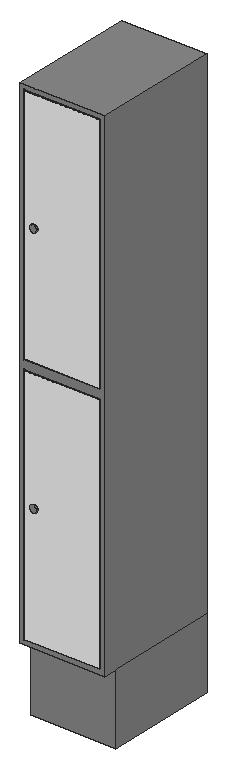
Revit family
Parameters
  Width [instance] = 300 mm
  Vis Ironmongery = yes
  Plinth Setback [instance] = 50 mm
  Plinth Height [instance] = 250 mm
  Material Plinth = Paint - Grey
  Material Locker = Paint - Grey
  Material Door = Paint - White
  Locker Height [instance] = 1775 mm
  Keynote = "N"
  Depth [instance] = 450 mm
Reference planes
  plane 1 "Center (Front/Back)": y = 150
  plane 2: z = 0
  plane 3 "Center (Left/Right)": x = -154.179
  plane 4: y = 600
  plane 5: x = -304.179
  plane 6: x = -4.179
  plane 7: z = 250
  plane 8: z = 2025
  plane 9: z = 2010
  plane 10: z = 265
  plane 11: x = -289.179
  plane 12: x = -19.179
  plane 13: z = 1152.5
  plane 14: z = 1137.5
  plane 15: z = 1122.5
  plane 16: x = -44.179
  plane 17: x = -94.179
Forms (mm)
  Extrusion 1, solid, material "Paint - Grey" <- "Material Plinth"
    sketch origin (0, 0, 0) x (1, 0, 0) y (0, 1, 0)
      loop
        line (-304.179, 600) -> (-304.179, 200) -> (-4.179, 200) -> (-4.179, 600) -> (-304.179, 600)
    from 0 to 250
  Extrusion 2, solid, material "Paint - Grey" <- "Material Locker"
    sketch origin (-154.179, 0, 0) x (0, 1, 0) y (0, 0, 1)
      loop
        line (150, 2025) -> (150, 250) -> (600, 250) -> (600, 2025) -> (150, 2025)
    from -150 to 150
  Extrusion 3, void
    sketch origin (-4.179, 150, 2025) x (1, 0, 0) y (0, 0, -1)
      loop
        line (-285, 1760) -> (-285, 902.5) -> (-15, 902.5) -> (-15, 1760) -> (-285, 1760)
      loop
        line (-285, 872.5) -> (-285, 15) -> (-15, 15) -> (-15, 872.5) -> (-285, 872.5)
    from 0 to 435
  Extrusion 4, solid, material "Paint - White" <- "Material Door"
    sketch origin (-4.179, 150, 2025) x (-1, 0, 0) y (0, 0, -1)
      loop
        line (282, 18) -> (282, 869.5) -> (18, 869.5) -> (18, 18) -> (282, 18)
      loop
        line (282, 905.5) -> (282, 1757) -> (18, 1757) -> (18, 905.5) -> (282, 905.5)
    from -15 to 0
  Extrusion 5, solid, material "Paint - Grey", visible <- "Vis Ironmongery"
    sketch origin (0, 150, 0) x (1, 0, 0) y (0, 0, 1)
      loop
        circle (-254.555, 1581.25) r 12.5
      loop
        circle (-254.555, 693.75) r 12.5
    from 0 to 3
Cuts and joins
  Extrusion 3 cuts Extrusion 1
  Extrusion 3 cuts Extrusion 2
Lines and regions (mm)
  Masking region 1
    outline origin (0, 0, 0) x (1, 0, 0) y (0, 1, 0)
      loop
        line (-304.179, 600) -> (-304.179, 150) -> (-4.179, 150) -> (-4.179, 600) -> (-304.179, 600)
  model lines, style "InvisibleLines"
    curve 1: line (-154.179, 150, 2025) -> (-154.179, 600, 2025)
  symbolic lines
    curve 2: line (-304.179, 600, 0) -> (-4.179, 600, 0)
    curve 3: line (-304.179, 150, 0) -> (-304.179, 600, 0)
    curve 4: line (-4.179, 150, 0) -> (-304.179, 150, 0)
    curve 5: line (-4.179, 600, 0) -> (-4.179, 150, 0)
  symbolic lines, visible <- "Vis Ironmongery"
    curve 6: line (-267.055, 147, 0) -> (-242.055, 147, 0)
  symbolic lines, style "Hidden Lines", detail levels fine
    curve 7: line (-304.179, 200, 0) -> (-4.179, 200, 0)
Dimensions and locks
  equal spacing: plane 5, plane 3 "Center (Left/Right)", plane 6
  "Width": plane 5 to plane 6
  "Depth": plane 1 "Center (Front/Back)" to plane 4
  "Locker Height": plane 8 to plane 7
  "Plinth Height": plane 7 to level
  locked: plane 8 to plane 9 at 15
  locked: plane 10 to plane 7 at 15
  locked: plane 5 to plane 11 at 15
  locked: plane 12 to plane 6 at 15
  equal spacing: plane 8, plane 14, plane 7
  equal spacing: plane 13, plane 14, plane 15, locked at 15 each
  locked: plane 11 to Extrusion 5 sketch curve at 34.624
  equal spacing: plane 8, Extrusion 5 sketch curve, plane 14
  plane 11 to Extrusion 5 sketch curve = 34.624 mm
  equal spacing: plane 14, Extrusion 5 sketch curve, plane 7
  locked: Extrusion 5 to plane 1 "Center (Front/Back)" at 3
  "Plinth Setback": plane 1 "Center (Front/Back)" to cut or joined group of Extrusion 1, Extrusion 3
  locked: plane 13 to plane 15 at 30
  aligned and locked: Extrusion 1 to plane 7
  aligned and locked: Extrusion 1 to level
  aligned and locked: Extrusion 2 sketch curve to curve 1
  aligned and locked: plane 5 to Extrusion 2
  aligned and locked: Extrusion 2 to plane 6
  aligned and locked: plane 13 to Extrusion 3 sketch curve
  aligned and locked: curve 6 to Extrusion 5
  aligned and locked: curve 7 to cut or joined group of Extrusion 1, Extrusion 3
  aligned: plane 4 to Masking region 1 sketch curve
  aligned: plane 6 to Masking region 1 sketch curve
Automatic sketch dimensions
  Extrusion 1 sketch curve to plane 1 "Center (Front/Back)" = 50 mm
  Extrusion 1 sketch curve to plane 5 = 0 mm
  Extrusion 1 sketch curve to plane 6 = 0 mm
  Extrusion 1 sketch curve to plane 4 = 0 mm
  curve 1 to plane 1 "Center (Front/Back)" = 0 mm
  curve 1 to plane 4 = 0 mm
  curve 1 to plane 8 = 0 mm
  Extrusion 2 sketch curve to plane 1 "Center (Front/Back)" = 0 mm
  Extrusion 2 sketch curve to plane 4 = 0 mm
  Extrusion 2 sketch curve to plane 7 = 0 mm
  Extrusion 3 sketch curve to plane 10 = 0 mm
  Extrusion 3 sketch curve to plane 11 = 0 mm  (x2)
  Extrusion 3 sketch curve to plane 12 = 0 mm  (x2)
  Extrusion 3 sketch curve to plane 9 = 0 mm
  Extrusion 3 sketch curve to plane 15 = 0 mm
  Extrusion 4 sketch curve to plane 12 = 3 mm  (x2)
  Extrusion 4 sketch curve to plane 11 = 3 mm  (x2)
  plane 9 to Extrusion 4 sketch curve = 3 mm
  plane 15 to Extrusion 4 sketch curve = 3 mm
  Extrusion 4 sketch curve to plane 10 = 3 mm
  Extrusion 4 sketch curve to Extrusion 4 sketch curve = 36 mm
  curve 4 to plane 1 "Center (Front/Back)" = 0 mm
  curve 4 to plane 5 = 0 mm
  curve 4 to plane 6 = 0 mm
  curve 3 to plane 4 = 0 mm
  plane 1 "Center (Front/Back)" to curve 6 = 3 mm
  curve 6 to plane 11 = 22.124 mm
  curve 6 to curve 6 = 25 mm
  curve 4 to curve 7 = 50 mm
  Masking region 1 sketch curve to plane 1 "Center (Front/Back)" = 0 mm
  Masking region 1 sketch curve to plane 5 = 0 mm
  Masking region 1 sketch curve to plane 6 = 0 mm
  Masking region 1 sketch curve to plane 4 = 0 mm
  radius of Extrusion 5 sketch curve = 12.5 mm  (x2)
